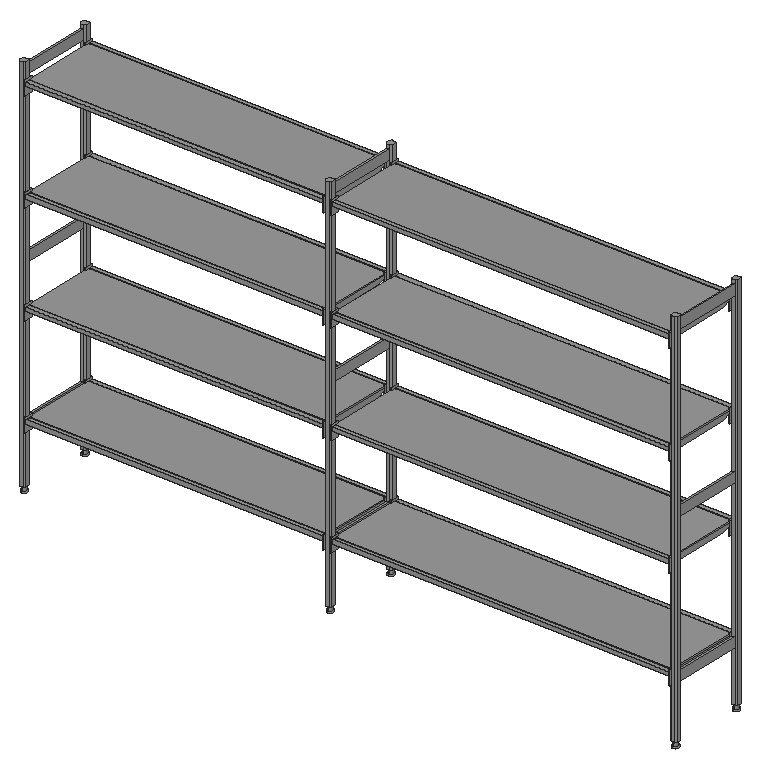
Revit family "QF_ELECTROLUXPROFESSIONAL_137029_ALS2935", category Attrezzature speciali, Revit 2020
Family settings
  Quota connettore circolare = Usa diametro
  Tipo di parte = Normale
  Basato su piano di lavoro = No
  Sempre verticale = Sì
  Taglio con vuoti quando caricato = No
  Condiviso = No
  Punto di calcolo locali = No
Parameters (values of type "Standard")
  Weight = 45.00 kg
  Watts = 0 W
  Volts = 0 V
  URL Manufacturer = "https://www.electroluxprofessional.com/"
  URL = "https://www.electroluxprofessional.com/"
  Steam Supply Size = 0 mm
  Steam Supply Minimum Pressure = 0.0 Pa
  Steam Supply Maximum Pressure = 0.0 Pa
  Steam Consumption per Hour = 0
  Refrigeration Suction Line Size = 0.0 mm
  Refrigeration Liquid Line Size = 0.0 mm
  Refrigerant Compressor Remote = yes
  Prospetto di default = 0.0 mm
  Phase = 0
  Modello = "ALS2935"
  Produttore = "Electrolux Professional"
  Length Actual = 2935.0 mm  # constant formula
  Item Number = "137029"
  Hot Water Size = 0 mm
  Height Actual = 1700.0 mm  # constant formula
  HP = "0 HP"
  Gas Size = 0 mm
  Gas KW = 0
  Gas Input Pressure = 0 W
  Direct Waste Size = 0 mm
  Descrizione = "ALUM.LINEAR SHELV.-POLY.TIERS-373X2935MM"
  Depth Actual = 373.0 mm  # constant formula
  Cycle = 0 Hz
  Condensate Return Size = 0 mm
  Compressed Air Volume = 0.0 L/s
  Compressed Air Size = 0 mm
  Compressed Air Pressure = 0.0 Pa
  Cold Water Size = 0 mm
  Accessory = yes
Reference planes
  plane 1: z = 0
  plane 2 "CenterLeft": x = -31
  plane 3 "LEFT": x = -417
  plane 4 "BACK": y = 23
  plane 5 "FRONT": y = -350
  plane 6 "TOP": z = 1700
  plane 7: x = -385
  plane 8: x = 945
  plane 9 "Center (Front/Back)": y = -163.5
  plane 10: y = -8.5
  plane 11: y = -318.5
  plane 12 "FEET": z = 25
  plane 13: z = 275
  plane 14: z = 725
  plane 15: z = 1175
  plane 16: z = 1625
  plane 17 "CXLeft": x = -403
  plane 18 "Center (Left/Right)": x = 963
  plane 19: y = 5.5
  plane 20 "CYBack": y = 5.5
  plane 21 "CYFront": y = -332.5
  plane 22 "RIGHT": x = 2518
  plane 23: x = 2486
  plane 24 "CXRight": x = 2504
  plane 25: x = 981
Forms (mm)
  Extrusion 1, solid, material "QF_Aluminum"
    sketch origin (-417, 0, -4.006) x (0, 1, 0) y (0, 0, 1)
      loop
        line (-12, 1637.003) -> (4, 1637.003) -> (4, 1655) -> (2.007, 1655) -> (2.007, 1648.501) -> (-329, 1648.501) -> (-329, 1655) -> (-331, 1655) -> (-331, 1637.003) -> (-315, 1637.003) -> (-281, 1625) -> (-46, 1625) -> (-12, 1637.003)
      loop
        line (-12, 1187.003) -> (4, 1187.003) -> (4, 1205) -> (2.007, 1205) -> (2.007, 1198.501) -> (-329, 1198.501) -> (-329, 1205) -> (-331, 1205) -> (-331, 1187.003) -> (-315, 1187.003) -> (-281, 1175) -> (-46, 1175) -> (-12, 1187.003)
      loop
        line (-12, 737.003) -> (4, 737.003) -> (4, 755) -> (2.007, 755) -> (2.007, 748.501) -> (-329, 748.501) -> (-329, 755) -> (-331, 755) -> (-331, 737.003) -> (-315, 737.003) -> (-281, 725) -> (-46, 725) -> (-12, 737.003)
      loop
        line (-12, 287.003) -> (4, 287.003) -> (4, 305) -> (2.007, 305) -> (2.007, 298.501) -> (-329, 298.501) -> (-329, 305) -> (-331, 305) -> (-331, 287.003) -> (-315, 287.003) -> (-281, 275) -> (-46, 275) -> (-12, 287.003)
    from 37 to 32
  Extrusion 2, solid, material "QF_Aluminum"
    sketch origin (-417, 0, 0) x (0, 1, 0) y (0, 0, 1)
      loop
        line (23, 246.005) -> (23, 307.993) -> (-12.993, 307.993) -> (-12.993, 246.005) -> (23, 246.005)
      loop
        line (-350, 246.005) -> (-314.007, 246.005) -> (-314.007, 307.993) -> (-350, 307.993) -> (-350, 246.005)
      loop
        line (23, 696.005) -> (23, 757.993) -> (-12.993, 757.993) -> (-12.993, 696.005) -> (23, 696.005)
      loop
        line (-350, 696.005) -> (-314.007, 696.005) -> (-314.007, 757.993) -> (-350, 757.993) -> (-350, 696.005)
      loop
        line (23, 1146.005) -> (23, 1207.993) -> (-12.993, 1207.993) -> (-12.993, 1146.005) -> (23, 1146.005)
      loop
        line (-350, 1146.005) -> (-314.007, 1146.005) -> (-314.007, 1207.993) -> (-350, 1207.993) -> (-350, 1146.005)
      loop
        line (23, 1596.005) -> (23, 1657.993) -> (-12.993, 1657.993) -> (-12.993, 1596.005) -> (23, 1596.005)
      loop
        line (-350, 1596.005) -> (-314.007, 1596.005) -> (-314.007, 1657.993) -> (-350, 1657.993) -> (-350, 1596.005)
    from 28 to 32
  Extrusion 3, solid, material "QF_Aluminum"
    sketch origin (-417, 0, 0) x (0, 1, 0) y (0, 0, 1)
      loop
        line (4, 1650.994) -> (4, 1632.998) -> (23, 1632.998) -> (23, 1650.994) -> (4, 1650.994)
      loop
        line (-331, 1650.994) -> (-350, 1650.994) -> (-350, 1632.998) -> (-331, 1632.998) -> (-331, 1650.994)
      loop
        line (4, 1200.994) -> (4, 1182.998) -> (23, 1182.998) -> (23, 1200.994) -> (4, 1200.994)
      loop
        line (-331, 1200.994) -> (-350, 1200.994) -> (-350, 1182.998) -> (-331, 1182.998) -> (-331, 1200.994)
      loop
        line (4, 750.994) -> (4, 732.998) -> (23, 732.998) -> (23, 750.994) -> (4, 750.994)
      loop
        line (-331, 750.994) -> (-350, 750.994) -> (-350, 732.998) -> (-331, 732.998) -> (-331, 750.994)
      loop
        line (4, 300.994) -> (4, 282.998) -> (23, 282.998) -> (23, 300.994) -> (4, 300.994)
      loop
        line (-331, 300.994) -> (-350, 300.994) -> (-350, 282.998) -> (-331, 282.998) -> (-331, 300.994)
    from 32 to 1362
  Extrusion 4, solid, material "QF_Polyethylene"
    sketch origin (-417, 0, 0) x (0, 1, 0) y (0, 0, 1)
      loop
        line (2.007, 1650.994) -> (-329, 1650.994) -> (-329, 1644.496) -> (2.007, 1644.496) -> (2.007, 1650.994)
      loop
        line (2.007, 1200.994) -> (-329, 1200.994) -> (-329, 1194.496) -> (2.007, 1194.496) -> (2.007, 1200.994)
      loop
        line (2.007, 750.994) -> (-329, 750.994) -> (-329, 744.496) -> (2.007, 744.496) -> (2.007, 750.994)
      loop
        line (2.007, 300.994) -> (-329, 300.994) -> (-329, 294.496) -> (2.007, 294.496) -> (2.007, 300.994)
    from 32 to 1362
  Extrusion 5, solid, material "QF_Aluminum"
    sketch origin (2518, 0, 0) x (0, 1, 0) y (0, 0, 1)
      loop
        line (4, 1650.994) -> (4, 1632.998) -> (23, 1632.998) -> (23, 1650.994) -> (4, 1650.994)
      loop
        line (-331, 1650.994) -> (-350, 1650.994) -> (-350, 1632.998) -> (-331, 1632.998) -> (-331, 1650.994)
      loop
        line (4, 1200.994) -> (4, 1182.998) -> (23, 1182.998) -> (23, 1200.994) -> (4, 1200.994)
      loop
        line (-331, 1200.994) -> (-350, 1200.994) -> (-350, 1182.998) -> (-331, 1182.998) -> (-331, 1200.994)
      loop
        line (4, 750.994) -> (4, 732.998) -> (23, 732.998) -> (23, 750.994) -> (4, 750.994)
      loop
        line (-331, 750.994) -> (-350, 750.994) -> (-350, 732.998) -> (-331, 732.998) -> (-331, 750.994)
      loop
        line (4, 300.994) -> (4, 282.998) -> (23, 282.998) -> (23, 300.994) -> (4, 300.994)
      loop
        line (-331, 300.994) -> (-350, 300.994) -> (-350, 282.998) -> (-331, 282.998) -> (-331, 300.994)
    from -32 to -1537
  Extrusion 6, solid, material "QF_Polyethylene"
    sketch origin (2518, 0, 0) x (0, 1, 0) y (0, 0, 1)
      loop
        line (2.007, 1650.994) -> (-329, 1650.994) -> (-329, 1644.496) -> (2.007, 1644.496) -> (2.007, 1650.994)
      loop
        line (2.007, 1200.994) -> (-329, 1200.994) -> (-329, 1194.496) -> (2.007, 1194.496) -> (2.007, 1200.994)
      loop
        line (2.007, 750.994) -> (-329, 750.994) -> (-329, 744.496) -> (2.007, 744.496) -> (2.007, 750.994)
      loop
        line (2.007, 300.994) -> (-329, 300.994) -> (-329, 294.496) -> (2.007, 294.496) -> (2.007, 300.994)
    from -32 to -1537
Lines and regions (mm)
  symbolic lines
    curve 1: line (945, 4, 1700) -> (-385, 4, 1700)
    curve 2: line (-408, -8.5, 1700) -> (-408, -318.5, 1700)
    curve 3: line (-398, -318.5, 1700) -> (-398, -8.5, 1700)
    curve 4: line (-389, 23, 1700) -> (949, 23, 1700)
    curve 5: line (-385, -350, 1700) -> (945, -350, 1700)
    curve 6: line (977, 23, 1700) -> (2490, 23, 1700)
    curve 7: line (977, -350, 1700) -> (2490, -350, 1700)
    curve 8: line (-385, -331, 1700) -> (945, -331, 1700)
    curve 9: line (981, -331, 1700) -> (2486, -331, 1700)
    curve 10: line (981, 4, 1700) -> (2486, 4, 1700)
    curve 11: line (2486, -12.993, 1700) -> (2486, -314.007, 1700)
    curve 12: line (945, -12.993, 1700) -> (945, -314.007, 1700)
    curve 13: line (981, -314.007, 1700) -> (981, -12.993, 1700)
    curve 14: line (-385, -12.993, 1700) -> (-385, -314.007, 1700)
Dimensions and locks
  plane 3 "LEFT" to plane 2 "CenterLeft" = 386.0 mm
  locked: plane 6 "TOP" to level at 1700
  locked: plane 4 "BACK" to plane 5 "FRONT" at 373
  locked: plane 7 to plane 8 at 1330
  locked: plane 10 to plane 11 at 310
  equal spacing: plane 10, plane 9 "Center (Front/Back)", plane 11
  equal spacing: plane 4 "BACK", plane 9 "Center (Front/Back)", plane 5 "FRONT"
  plane 12 "FEET" to level = 25.0 mm
  plane 6 "TOP" to plane 12 "FEET" = 1675.0 mm
  plane 13 to plane 12 "FEET" = 250.0 mm
  plane 14 to plane 13 = 450.0 mm
  plane 15 to plane 14 = 450.0 mm
  plane 16 to plane 15 = 450.0 mm
  locked: plane 4 "BACK" to plane 20 "CYBack" at 17.5
  locked: plane 21 "CYFront" to plane 5 "FRONT" at 17.5
  locked: plane 4 "BACK" to Extrusion 1 at 19
  locked: Extrusion 1 to plane 5 "FRONT" at 19
  Extrusion 1 sketch curve to plane 21 "CYFront" = 3.5 mm
  plane 3 "LEFT" to plane 22 "RIGHT" = 2935.0 mm
  locked: plane 25 to plane 23 at 1505
  locked: plane 8 to plane 18 "Center (Left/Right)" at 18
  locked: plane 18 "Center (Left/Right)" to plane 25 at 18
  locked: plane 3 "LEFT" to plane 7 at 32
  locked: plane 24 "CXRight" to plane 22 "RIGHT" at 14
  aligned and locked: level to plane 1
  aligned and locked: plane 7 to Extrusion 1
  aligned and locked: Extrusion 2 to plane 7
  aligned and locked: plane 7 to Extrusion 4
  aligned and locked: Extrusion 4 to plane 8
  aligned and locked: plane 7 to Extrusion 3
  aligned and locked: Extrusion 3 to plane 8
  aligned and locked: Extrusion 3 sketch curve to Extrusion 1
  aligned and locked: Extrusion 1 to Extrusion 3 sketch curve
  aligned and locked: Extrusion 3 sketch curve to Extrusion 3 sketch curve  (x2)
  aligned and locked: Extrusion 1 sketch curve to Extrusion 1 sketch curve  (x3)
  aligned and locked: Extrusion 4 sketch curve to Extrusion 1  (x4)
  aligned and locked: Extrusion 5 sketch curve to Extrusion 5 sketch curve  (x2)
  aligned and locked: Extrusion 5 to plane 25
  aligned and locked: Extrusion 6 to plane 25
  aligned and locked: plane 18 "Center (Left/Right)" to nested 3
  aligned and locked: plane 17 "CXLeft" to nested 1
  aligned and locked: Extrusion 3 to plane 7  (x3)
  aligned and locked: plane 8 to Extrusion 3  (x4)
  aligned and locked: plane 25 to Extrusion 5  (x4)
  aligned and locked: plane 25 to Extrusion 6  (x4)
  aligned and locked: plane 8 to Extrusion 4  (x4)
  aligned and locked: plane 24 "CXRight" to nested 2
  aligned and locked: Extrusion 5 to plane 23
  aligned and locked: Extrusion 6 to plane 23
  aligned and locked: plane 23 to Extrusion 5  (x3)
  aligned and locked: plane 23 to Extrusion 6  (x3)
Automatic sketch dimensions
  plane 21 "CYFront" to Extrusion 1 sketch curve = 1.5 mm  (x4)
  plane 11 to Extrusion 1 sketch curve = 3.5 mm  (x4)
  Extrusion 1 sketch curve to plane 13 = 4.006 mm
  Extrusion 1 sketch curve to Extrusion 1 sketch curve = 34.0 mm  (x4)
  Extrusion 1 sketch curve to plane 14 = 4.006 mm
  Extrusion 1 sketch curve to plane 15 = 4.006 mm
  Extrusion 1 sketch curve to plane 16 = 4.006 mm
  Extrusion 1 sketch curve to plane 10 = 37.5 mm  (x4)
  Extrusion 1 sketch curve to plane 10 = 3.5 mm  (x4)
  plane 19 to Extrusion 1 sketch curve = 3.493 mm  (x4)
  plane 19 to Extrusion 1 sketch curve = 1.5 mm  (x4)
  plane 13 to Extrusion 1 sketch curve = 7.998 mm  (x2)
  Extrusion 1 sketch curve to Extrusion 1 sketch curve = 11.498 mm  (x4)
  Extrusion 1 sketch curve to Extrusion 1 sketch curve = 6.499 mm  (x8)
  plane 14 to Extrusion 1 sketch curve = 7.998 mm  (x2)
  plane 15 to Extrusion 1 sketch curve = 7.998 mm  (x2)
  plane 16 to Extrusion 1 sketch curve = 7.998 mm  (x2)
  Extrusion 2 sketch curve to plane 5 "FRONT" = 0.0 mm  (x4)
  Extrusion 2 sketch curve to plane 4 "BACK" = 0.0 mm  (x4)
  plane 11 to Extrusion 2 sketch curve = 4.493 mm  (x4)
  Extrusion 2 sketch curve to plane 10 = 4.493 mm  (x4)
  Extrusion 2 sketch curve to plane 13 = 28.995 mm  (x2)
  plane 13 to Extrusion 2 sketch curve = 32.993 mm  (x2)
  Extrusion 2 sketch curve to plane 14 = 28.995 mm  (x2)
  plane 14 to Extrusion 2 sketch curve = 32.993 mm  (x2)
  Extrusion 2 sketch curve to plane 15 = 28.995 mm  (x2)
  plane 15 to Extrusion 2 sketch curve = 32.993 mm  (x2)
  Extrusion 2 sketch curve to plane 16 = 28.995 mm  (x2)
  plane 16 to Extrusion 2 sketch curve = 32.993 mm  (x2)
  Extrusion 3 sketch curve to plane 5 "FRONT" = 0.0 mm  (x4)
  Extrusion 3 sketch curve to plane 4 "BACK" = 0.0 mm  (x4)
  plane 19 to Extrusion 3 sketch curve = 1.5 mm  (x4)
  plane 13 to Extrusion 3 sketch curve = 7.998 mm  (x2)
  Extrusion 3 sketch curve to Extrusion 3 sketch curve = 17.997 mm  (x8)
  plane 14 to Extrusion 3 sketch curve = 7.998 mm  (x2)
  plane 15 to Extrusion 3 sketch curve = 7.998 mm  (x2)
  plane 16 to Extrusion 3 sketch curve = 7.998 mm  (x2)
  plane 19 to Extrusion 4 sketch curve = 3.493 mm  (x4)
  plane 13 to Extrusion 4 sketch curve = 19.496 mm
  Extrusion 4 sketch curve to Extrusion 4 sketch curve = 6.499 mm  (x4)
  plane 14 to Extrusion 4 sketch curve = 19.496 mm
  plane 15 to Extrusion 4 sketch curve = 19.496 mm
  plane 16 to Extrusion 4 sketch curve = 19.496 mm
  Extrusion 5 sketch curve to plane 5 "FRONT" = 0.0 mm  (x4)
  Extrusion 5 sketch curve to plane 4 "BACK" = 0.0 mm  (x4)
  plane 21 "CYFront" to Extrusion 5 sketch curve = 1.5 mm  (x2)
  plane 19 to Extrusion 5 sketch curve = 1.5 mm  (x4)
  plane 13 to Extrusion 5 sketch curve = 7.998 mm  (x2)
  Extrusion 5 sketch curve to Extrusion 5 sketch curve = 17.997 mm  (x8)
  plane 14 to Extrusion 5 sketch curve = 7.998 mm  (x2)
  plane 15 to Extrusion 5 sketch curve = 7.998 mm  (x2)
  plane 16 to Extrusion 5 sketch curve = 7.998 mm  (x2)
  plane 21 "CYFront" to Extrusion 6 sketch curve = 3.5 mm  (x4)
  plane 19 to Extrusion 6 sketch curve = 3.493 mm  (x4)
  plane 13 to Extrusion 6 sketch curve = 19.496 mm
  Extrusion 6 sketch curve to Extrusion 6 sketch curve = 6.499 mm  (x4)
  plane 14 to Extrusion 6 sketch curve = 19.496 mm
  plane 15 to Extrusion 6 sketch curve = 19.496 mm
  plane 16 to Extrusion 6 sketch curve = 19.496 mm
  curve 7 to plane 5 "FRONT" = 0.0 mm
  curve 5 to plane 5 "FRONT" = 0.0 mm
  curve 8 to plane 8 = 0.0 mm
  curve 9 to plane 25 = 0.0 mm
  curve 9 to plane 23 = 0.0 mm
  curve 8 to plane 7 = 0.0 mm
  curve 2 to plane 11 = 0.0 mm
  curve 3 to plane 11 = 0.0 mm
  curve 14 to plane 7 = 0.0 mm
  curve 13 to plane 25 = 0.0 mm
  curve 12 to plane 8 = 0.0 mm
  curve 11 to plane 23 = 0.0 mm
  curve 3 to plane 10 = 0.0 mm
  curve 2 to plane 10 = 0.0 mm
  curve 1 to plane 8 = 0.0 mm
  curve 1 to plane 7 = 0.0 mm
  curve 10 to plane 23 = 0.0 mm
  curve 10 to plane 25 = 0.0 mm
  curve 4 to plane 4 "BACK" = 0.0 mm
  curve 6 to plane 4 "BACK" = 0.0 mm
  curve 5 to plane 8 = 0.0 mm
  curve 5 to plane 7 = 0.0 mm
  plane 21 "CYFront" to curve 8 = 1.5 mm
  plane 21 "CYFront" to curve 9 = 1.5 mm
  plane 11 to curve 14 = 4.493 mm
  plane 11 to curve 13 = 4.493 mm
  plane 11 to curve 12 = 4.493 mm
  plane 11 to curve 11 = 4.493 mm
  curve 14 to plane 10 = 4.493 mm
  curve 13 to plane 10 = 4.493 mm
  curve 12 to plane 10 = 4.493 mm
  curve 11 to plane 10 = 4.493 mm
  plane 19 to curve 1 = 1.5 mm
  plane 19 to curve 10 = 1.5 mm
  curve 6 to plane 23 = 4.0 mm
  curve 7 to plane 23 = 4.0 mm
  curve 6 to plane 25 = 4.0 mm
  curve 7 to plane 25 = 4.0 mm
  curve 4 to plane 8 = 4.0 mm
  plane 7 to curve 4 = 4.0 mm
  plane 17 "CXLeft" to curve 3 = 5.0 mm
  curve 2 to plane 17 "CXLeft" = 5.0 mm
Nested families
  nested 1: "WT_Anta373" at (0, 0, 0), type "WT_Anta373"
  nested 2: "WT_Anta373" at (2101, 0, 0) x (-1, 0, 0) z (0, 0, 1), type "WT_Anta373"
  nested 3: "WT_Anta373Center" at (1366, 0, 0), type "WT_Anta373Center"
Definition of nested family "WT_Anta373"
  Parameters
    WidthLeft = A + 64.0 mm  # 772.0 mm
    Width = 1606.0 mm
    Right = WidthLeft / 2  # 386.0 mm
    Default Elevation = 0.0 mm
    Left = -WidthLeft / 2  # -386.0 mm
    Height = 1725.0 mm
    FEET = 25.0 mm
    E = 0.0 mm
    Dint = Depth - 63.0 mm  # 310.0 mm
    Dext = Depth - 8.0 mm  # 365.0 mm
    Depth = 373.0 mm
    DX = (WidthLeft - A) / 2  # 32.0 mm
    B = 798.0 mm
    A = 708.0 mm
  Reference planes
    plane 1: z = 0
    plane 2 "LEFT": x = -417
    plane 3 "BACK": y = 23
    plane 4 "FRONT": y = -350
    plane 5 "TOP": z = 1725
    plane 6 "Center (Front/Back)": y = -163.5
    plane 7: y = -8.5
    plane 8: y = -318.5
    plane 9 "FEET": z = 25
    plane 10: z = 275
    plane 11: z = 725
    plane 12: z = 1175
    plane 13: z = 1625
    plane 14 "CXLeft": x = -403
    plane 15: y = 5.5
    plane 16 "CYBack": y = 5.5
    plane 17 "CYFront": y = -332.5
    plane 18: x = -385.031
    plane 19: x = -380.031
  Forms (mm)
    Extrusion 1, solid
      sketch origin (0, 0, 0) x (1, 0, 0) y (0, 1, 0)
        loop
          line (-417, 13.246) -> (-417, -2.246) -> (-410.746, -8.5) -> (-395.254, -8.5) -> (-389, -2.246) -> (-389, 13.246) -> (-395.254, 19.5) -> (-410.746, 19.5) -> (-417, 13.246)
      from 1725 to 25
    Extrusion 2, solid
      sketch origin (-417, 0, 0) x (0, 1, 0) y (0, 0, 1)
        loop
          line (23, 246.005) -> (23, 307.993) -> (-12.993, 307.993) -> (-12.993, 246.005) -> (23, 246.005)
        loop
          line (-350, 246.005) -> (-314.007, 246.005) -> (-314.007, 307.993) -> (-350, 307.993) -> (-350, 246.005)
        loop
          line (23, 696.005) -> (23, 757.993) -> (-12.993, 757.993) -> (-12.993, 696.005) -> (23, 696.005)
        loop
          line (-350, 696.005) -> (-314.007, 696.005) -> (-314.007, 757.993) -> (-350, 757.993) -> (-350, 696.005)
        loop
          line (23, 1146.005) -> (23, 1207.993) -> (-12.993, 1207.993) -> (-12.993, 1146.005) -> (23, 1146.005)
        loop
          line (-350, 1146.005) -> (-314.007, 1146.005) -> (-314.007, 1207.993) -> (-350, 1207.993) -> (-350, 1146.005)
        loop
          line (23, 1596.005) -> (23, 1657.993) -> (-12.993, 1657.993) -> (-12.993, 1596.005) -> (23, 1596.005)
        loop
          line (-350, 1596.005) -> (-314.007, 1596.005) -> (-314.007, 1657.993) -> (-350, 1657.993) -> (-350, 1596.005)
      from 28 to 32
    Revolve 3, solid
      sketch origin (-403, 0, 0) x (0, 1, 0) y (0, 0, 1)
        loop
          line (5.5, 25) -> (5.5, 0) -> (19, 0) -> (19, 5) -> (14, 5) -> (14, 25) -> (5.5, 25)
        axis (5.5, 25) -> (5.5, 0)
      angle from 0 to 360
    Extrusion 4, solid
      sketch origin (-403, 0, 0) x (0, 1, 0) y (0, 0, 1)
        loop
          line (-8.5, 912.382) -> (-8.5, 957.374) -> (-318.5, 957.374) -> (-318.5, 912.382) -> (-8.5, 912.382)
        loop
          line (-8.5, 1662.244) -> (-8.5, 1707.236) -> (-318.5, 1707.236) -> (-318.5, 1662.244) -> (-8.5, 1662.244)
      from -5 to 5
    Revolve 5, solid
      sketch origin (-403, -627, 0) x (0, -1, 0) y (0, 0, 1)
        loop
          line (-294.5, 25) -> (-294.5, 0) -> (-281, 0) -> (-281, 5) -> (-286, 5) -> (-286, 25) -> (-294.5, 25)
        axis (-294.5, 25) -> (-294.5, 0)
      angle from 0 to 360
    Extrusion 6, solid
      sketch origin (0, -627, 0) x (1, 0, 0) y (0, 1, 0)
        loop
          line (-417, 286.754) -> (-410.746, 280.5) -> (-395.254, 280.5) -> (-389, 286.754) -> (-389, 302.246) -> (-395.254, 308.5) -> (-410.746, 308.5) -> (-417, 302.246) -> (-417, 286.754)
      from 1725 to 25
    Extrusion 7, solid
      sketch origin (-417.031, -0.022, 0) x (0, 1, 0) y (0, 0, -1)
        loop
          line (-12, -1632.998) -> (-46, -1620.994) -> (-281, -1620.994) -> (-315, -1632.998) -> (-331, -1632.998) -> (-331, -1650.994) -> (-329, -1650.994) -> (-329, -1644.496) -> (2.007, -1644.496) -> (2.007, -1650.994) -> (4, -1650.994) -> (4, -1632.998) -> (-12, -1632.998)
        loop
          line (-12, -1182.998) -> (-46, -1170.994) -> (-281, -1170.994) -> (-315, -1182.998) -> (-331, -1182.998) -> (-331, -1200.994) -> (-329, -1200.994) -> (-329, -1194.496) -> (2.007, -1194.496) -> (2.007, -1200.994) -> (4, -1200.994) -> (4, -1182.998) -> (-12, -1182.998)
        loop
          line (-12, -732.998) -> (-46, -720.994) -> (-281, -720.994) -> (-315, -732.998) -> (-331, -732.998) -> (-331, -750.994) -> (-329, -750.994) -> (-329, -744.496) -> (2.007, -744.496) -> (2.007, -750.994) -> (4, -750.994) -> (4, -732.998) -> (-12, -732.998)
        loop
          line (-12, -282.998) -> (-46, -270.994) -> (-281, -270.994) -> (-315, -282.998) -> (-331, -282.998) -> (-331, -300.994) -> (-329, -300.994) -> (-329, -294.496) -> (2.007, -294.496) -> (2.007, -300.994) -> (4, -300.994) -> (4, -282.998) -> (-12, -282.998)
      from -32 to -37
    Extrusion 8, solid
      sketch origin (-403, 0, -659.878) x (0, 1, 0) y (0, 0, 1)
        loop
          line (-8.5, 912.382) -> (-8.5, 957.374) -> (-318.5, 957.374) -> (-318.5, 912.382) -> (-8.5, 912.382)
        loop
          line (-8.5, 1572.382) -> (-8.5, 1617.374) -> (-318.5, 1617.374) -> (-318.5, 1572.382) -> (-8.5, 1572.382)
        loop
          line (-8.5, 2322.382) -> (-8.5, 2367.374) -> (-318.5, 2367.374) -> (-318.5, 2322.382) -> (-8.5, 2322.382)
      from -5 to 5
  Lines and regions (mm)
    symbolic lines
      curve 1: line (-408, -8.5, 1725) -> (-408, -318.5, 1725)
      curve 2: line (-398, -318.5, 1725) -> (-398, -8.5, 1725)
      curve 3: line (-395.254, -8.5, 1725) -> (-410.746, -8.5, 1725)
      curve 4: line (-417, -2.246, 1725) -> (-410.746, -8.5, 1725)
      curve 5: line (-417, 13.246, 1725) -> (-417, -2.246, 1725)
      curve 6: line (-410.746, 19.5, 1725) -> (-417, 13.246, 1725)
      curve 7: line (-395.254, 19.5, 1725) -> (-410.746, 19.5, 1725)
      curve 8: line (-389, 13.246, 1725) -> (-395.254, 19.5, 1725)
      curve 9: line (-395.254, -8.5, 1725) -> (-389, -2.246, 1725)
      curve 10: line (-395.254, -318.5, 1725) -> (-410.746, -318.5, 1725)
      curve 11: line (-417, -324.754, 1725) -> (-410.746, -318.5, 1725)
      curve 12: line (-410.746, -346.5, 1725) -> (-417, -340.246, 1725)
      curve 13: line (-395.254, -346.5, 1725) -> (-410.746, -346.5, 1725)
      curve 14: line (-389, -340.246, 1725) -> (-395.254, -346.5, 1725)
      curve 15: line (-395.254, -318.5, 1725) -> (-389, -324.754, 1725)
      curve 16: line (-389, -350, 1725) -> (-389, -314.007, 1725)
      curve 17: line (-389, -314.007, 1725) -> (-385, -314.007, 1725)
      curve 18: line (-389, 23, 1725) -> (-389, -12.993, 1725)
      curve 19: line (-389, -12.993, 1725) -> (-385, -12.993, 1725)
      curve 20: line (-417, -324.754, 1725) -> (-417, -340.246, 1725)
      curve 21: line (-385, -350, 1725) -> (-385, -314.007, 1725)
      curve 22: line (-385, -350, 1725) -> (-389, -350, 1725)
      curve 23: line (-385, 23, 1725) -> (-389, 23, 1725)
      curve 24: line (-385, -12.993, 1725) -> (-385, 23, 1725)
      curve 25: line (-385.031, -13.016, 1725) -> (-385.031, -314.029, 1725)
  Dimensions and locks
    "Height": plane 5 "TOP" to level
    "Depth": plane 3 "BACK" to plane 4 "FRONT"
    "Dint": plane 7 to plane 8
    equal spacing: plane 7, plane 6 "Center (Front/Back)", plane 8
    equal spacing: plane 3 "BACK", plane 6 "Center (Front/Back)", plane 4 "FRONT"
    plane 9 "FEET" to level = 25.0 mm
    plane 5 "TOP" to plane 9 "FEET" = 1700.0 mm
    plane 10 to plane 9 "FEET" = 250.0 mm
    plane 11 to plane 10 = 450.0 mm
    plane 12 to plane 11 = 450.0 mm
    plane 13 to plane 12 = 450.0 mm
    locked: plane 2 "LEFT" to plane 14 "CXLeft" at 14
    locked: plane 3 "BACK" to plane 16 "CYBack" at 17.5
    locked: plane 17 "CYFront" to plane 4 "FRONT" at 17.5
    locked: Revolve 3 sketch curve to Revolve 3 sketch curve at 8.5
    locked: Revolve 3 sketch curve to plane 16 "CYBack" at 13.5
    locked: Revolve 5 sketch curve to Revolve 5 sketch curve at 8.5
    aligned and locked: level to plane 1
    aligned and locked: curve 20 to Extrusion 6
    aligned and locked: plane 5 "TOP" to Extrusion 1
    aligned and locked: plane 5 "TOP" to Extrusion 6
    aligned and locked: Extrusion 7 sketch curve to Extrusion 7 sketch curve  (x3)
  Automatic sketch dimensions
    curve 16 to plane 4 "FRONT" = 0.0 mm
    curve 11 to plane 8 = 0.0 mm
    curve 9 to plane 7 = 0.0 mm
    curve 5 to plane 2 "LEFT" = 0.0 mm
    curve 23 to plane 3 "BACK" = 0.0 mm
    plane 4 "FRONT" to curve 13 = 3.5 mm
    curve 20 to plane 17 "CYFront" = 7.746 mm
    curve 20 to plane 8 = 6.254 mm
    plane 8 to curve 16 = 4.493 mm
    curve 24 to plane 18 = 0.031 mm
    curve 24 to plane 7 = 4.493 mm
    plane 7 to curve 5 = 6.254 mm
    curve 5 to plane 15 = 7.746 mm
    curve 6 to plane 3 "BACK" = 3.5 mm
    curve 21 to plane 18 = 0.031 mm
    plane 18 to curve 23 = 3.969 mm
    plane 18 to curve 16 = 3.969 mm
    curve 18 to curve 8 = 6.254 mm
    curve 18 to curve 3 = 6.254 mm
    curve 16 to curve 13 = 6.254 mm
    curve 16 to curve 15 = 6.254 mm
    plane 2 "LEFT" to curve 10 = 6.254 mm
    plane 2 "LEFT" to curve 7 = 6.254 mm
    plane 2 "LEFT" to curve 12 = 6.254 mm
    plane 2 "LEFT" to curve 3 = 6.254 mm
    curve 14 to plane 17 "CYFront" = 7.746 mm
    curve 15 to plane 8 = 6.254 mm
    plane 7 to curve 9 = 6.254 mm
    curve 8 to plane 15 = 7.746 mm
    curve 3 to curve 2 = 2.746 mm
    curve 1 to curve 10 = 2.746 mm
    Extrusion 1 sketch curve to plane 2 "LEFT" = 0.0 mm
    Extrusion 1 sketch curve to plane 7 = 0.0 mm
    plane 2 "LEFT" to Extrusion 1 sketch curve = 6.254 mm  (x2)
    plane 14 "CXLeft" to Extrusion 1 sketch curve = 7.746 mm  (x2)
    Extrusion 1 sketch curve to plane 3 "BACK" = 3.5 mm
    plane 18 to Extrusion 1 sketch curve = 3.969 mm
    plane 7 to Extrusion 1 sketch curve = 6.254 mm  (x2)
    Extrusion 1 sketch curve to plane 15 = 7.746 mm  (x2)
    Extrusion 2 sketch curve to plane 4 "FRONT" = 0.0 mm  (x4)
    Extrusion 2 sketch curve to plane 3 "BACK" = 0.0 mm  (x4)
    plane 8 to Extrusion 2 sketch curve = 4.493 mm  (x4)
    Extrusion 2 sketch curve to plane 7 = 4.493 mm  (x4)
    Extrusion 2 sketch curve to plane 10 = 28.995 mm  (x2)
    plane 10 to Extrusion 2 sketch curve = 32.993 mm  (x2)
    Extrusion 2 sketch curve to plane 11 = 28.995 mm  (x2)
    plane 11 to Extrusion 2 sketch curve = 32.993 mm  (x2)
    Extrusion 2 sketch curve to plane 12 = 28.995 mm  (x2)
    plane 12 to Extrusion 2 sketch curve = 32.993 mm  (x2)
    Extrusion 2 sketch curve to plane 13 = 28.995 mm  (x2)
    plane 13 to Extrusion 2 sketch curve = 32.993 mm  (x2)
    Revolve 3 sketch curve to plane 9 "FEET" = 0.0 mm  (x2)
    Revolve 3 sketch curve to plane 15 = 0.0 mm  (x2)
    Revolve 3 sketch curve to level = 0.0 mm
    level to Revolve 3 sketch curve = 5.0 mm
    Revolve 3 sketch curve to Revolve 3 sketch curve = 11.655 mm
    Extrusion 4 sketch curve to plane 8 = 0.0 mm  (x2)
    Extrusion 4 sketch curve to plane 7 = 0.0 mm  (x2)
    plane 11 to Extrusion 4 sketch curve = 187.382 mm
    Extrusion 4 sketch curve to Extrusion 4 sketch curve = 44.992 mm
    plane 13 to Extrusion 4 sketch curve = 37.244 mm
    Extrusion 4 sketch curve to plane 5 "TOP" = 17.764 mm
    Revolve 5 sketch curve to plane 9 "FEET" = 0.0 mm  (x2)
    Revolve 5 sketch curve to plane 17 "CYFront" = 0.0 mm  (x2)
    Revolve 5 sketch curve to level = 0.0 mm
    Revolve 5 sketch curve to plane 4 "FRONT" = 4.0 mm
    Revolve 5 sketch curve to Revolve 5 sketch curve = 5.0 mm
    level to Revolve 5 sketch curve = 11.655 mm
    Extrusion 6 sketch curve to plane 2 "LEFT" = 0.0 mm
    Extrusion 6 sketch curve to plane 8 = 0.0 mm
    Extrusion 6 sketch curve to plane 2 "LEFT" = 6.254 mm  (x2)
    Extrusion 6 sketch curve to plane 14 "CXLeft" = 7.746 mm  (x2)
    Extrusion 6 sketch curve to plane 4 "FRONT" = 3.5 mm
    Extrusion 6 sketch curve to plane 18 = 3.969 mm
    plane 8 to Extrusion 6 sketch curve = 6.254 mm  (x2)
    plane 17 "CYFront" to Extrusion 6 sketch curve = 7.746 mm  (x2)
    plane 17 "CYFront" to Extrusion 7 sketch curve = 1.478 mm  (x4)
    Extrusion 7 sketch curve to Extrusion 7 sketch curve = 2.0 mm
    plane 8 to Extrusion 7 sketch curve = 3.478 mm  (x4)
    Extrusion 7 sketch curve to plane 10 = 4.006 mm
    Extrusion 7 sketch curve to Extrusion 7 sketch curve = 34.0 mm  (x4)
    Extrusion 7 sketch curve to plane 11 = 4.006 mm
    Extrusion 7 sketch curve to plane 12 = 4.006 mm
    Extrusion 7 sketch curve to plane 13 = 4.006 mm
    Extrusion 7 sketch curve to plane 7 = 37.522 mm  (x4)
    Extrusion 7 sketch curve to plane 7 = 3.522 mm  (x4)
    plane 15 to Extrusion 7 sketch curve = 3.516 mm  (x4)
    plane 15 to Extrusion 7 sketch curve = 1.522 mm  (x4)
    plane 13 to Extrusion 7 sketch curve = 7.998 mm  (x2)
    Extrusion 7 sketch curve to Extrusion 7 sketch curve = 11.498 mm
    Extrusion 7 sketch curve to Extrusion 7 sketch curve = 6.499 mm  (x5)
    plane 12 to Extrusion 7 sketch curve = 25.994 mm  (x2)
    plane 12 to Extrusion 7 sketch curve = 7.998 mm  (x2)
    plane 11 to Extrusion 7 sketch curve = 25.994 mm  (x2)
    plane 11 to Extrusion 7 sketch curve = 7.998 mm  (x2)
    plane 10 to Extrusion 7 sketch curve = 25.994 mm  (x2)
    plane 10 to Extrusion 7 sketch curve = 7.998 mm  (x2)
    curve 25 to plane 18 = 0.0 mm
    plane 8 to curve 25 = 4.471 mm
    curve 25 to plane 7 = 4.516 mm
    Extrusion 8 sketch curve to plane 8 = 0.0 mm  (x3)
    Extrusion 8 sketch curve to plane 7 = 0.0 mm  (x3)
    Extrusion 8 sketch curve to plane 10 = 22.496 mm
    plane 10 to Extrusion 8 sketch curve = 22.496 mm
    plane 11 to Extrusion 8 sketch curve = 187.504 mm
    Extrusion 8 sketch curve to Extrusion 8 sketch curve = 44.992 mm
    plane 13 to Extrusion 8 sketch curve = 37.504 mm
    Extrusion 8 sketch curve to plane 5 "TOP" = 17.504 mm
Definition of nested family "WT_Anta373Center"
  Parameters
    WidthLeft = A + 64.0 mm  # 772.0 mm
    Width = 1606.0 mm
    Right = WidthLeft / 2  # 386.0 mm
    Default Elevation = 0.0 mm
    Left = -WidthLeft / 2  # -386.0 mm
    Height = 1725.0 mm
    FEET = 25.0 mm
    E = 0.0 mm
    Dint = Depth - 63.0 mm  # 310.0 mm
    Dext = Depth - 8.0 mm  # 365.0 mm
    Depth = 373.0 mm
    DX = (WidthLeft - A) / 2  # 32.0 mm
    B = 798.0 mm
    A = 708.0 mm
  Reference planes
    plane 1: z = 0
    plane 2 "L": x = -417
    plane 3 "BACK": y = 23
    plane 4 "FRONT": y = -350
    plane 5 "TOP": z = 1725
    plane 6 "Center (Front/Back)": y = -163.5
    plane 7: y = -8.5
    plane 8: y = -318.5
    plane 9 "FEET": z = 25
    plane 10: z = 275
    plane 11: z = 725
    plane 12: z = 1175
    plane 13: z = 1625
    plane 14 "CXLeft": x = -403
    plane 15: y = 5.5
    plane 16 "CYBack": y = 5.5
    plane 17 "CYFront": y = -332.5
    plane 18: x = -385.031
    plane 19 "RIGHT": x = -380.031
    plane 20: x = -420.969
    plane 21 "LEFT": x = -425.969
  Forms (mm)
    Extrusion 1, solid
      sketch origin (0, 0, 0) x (1, 0, 0) y (0, 1, 0)
        loop
          line (-417, 13.246) -> (-417, -2.246) -> (-410.746, -8.5) -> (-395.254, -8.5) -> (-389, -2.246) -> (-389, 13.246) -> (-395.254, 19.5) -> (-410.746, 19.5) -> (-417, 13.246)
      from 1725 to 25
    Extrusion 2, solid
      sketch origin (-417, 0, 0) x (0, 1, 0) y (0, 0, 1)
        loop
          line (23, 246.005) -> (23, 307.993) -> (-12.993, 307.993) -> (-12.993, 246.005) -> (23, 246.005)
        loop
          line (-350, 246.005) -> (-314.007, 246.005) -> (-314.007, 307.993) -> (-350, 307.993) -> (-350, 246.005)
        loop
          line (23, 696.005) -> (23, 757.993) -> (-12.993, 757.993) -> (-12.993, 696.005) -> (23, 696.005)
        loop
          line (-350, 696.005) -> (-314.007, 696.005) -> (-314.007, 757.993) -> (-350, 757.993) -> (-350, 696.005)
        loop
          line (23, 1146.005) -> (23, 1207.993) -> (-12.993, 1207.993) -> (-12.993, 1146.005) -> (23, 1146.005)
        loop
          line (-350, 1146.005) -> (-314.007, 1146.005) -> (-314.007, 1207.993) -> (-350, 1207.993) -> (-350, 1146.005)
        loop
          line (23, 1596.005) -> (23, 1657.993) -> (-12.993, 1657.993) -> (-12.993, 1596.005) -> (23, 1596.005)
        loop
          line (-350, 1596.005) -> (-314.007, 1596.005) -> (-314.007, 1657.993) -> (-350, 1657.993) -> (-350, 1596.005)
      from 28 to 32
    Revolve 3, solid
      sketch origin (-403, 0, 0) x (0, 1, 0) y (0, 0, 1)
        loop
          line (5.5, 25) -> (5.5, 0) -> (19, 0) -> (19, 5) -> (14, 5) -> (14, 25) -> (5.5, 25)
        axis (5.5, 25) -> (5.5, 0)
      angle from 0 to 360
    Extrusion 4, solid
      sketch origin (-403, 0, 0) x (0, 1, 0) y (0, 0, 1)
        loop
          line (-8.5, 912.382) -> (-8.5, 957.374) -> (-318.5, 957.374) -> (-318.5, 912.382) -> (-8.5, 912.382)
        loop
          line (-8.5, 1662.244) -> (-8.5, 1707.236) -> (-318.5, 1707.236) -> (-318.5, 1662.244) -> (-8.5, 1662.244)
      from -5 to 5
    Revolve 5, solid
      sketch origin (-403, -627, 0) x (0, -1, 0) y (0, 0, 1)
        loop
          line (-294.5, 25) -> (-294.5, 0) -> (-281, 0) -> (-281, 5) -> (-286, 5) -> (-286, 25) -> (-294.5, 25)
        axis (-294.5, 25) -> (-294.5, 0)
      angle from 0 to 360
    Extrusion 6, solid
      sketch origin (0, -627, 0) x (1, 0, 0) y (0, 1, 0)
        loop
          line (-417, 286.754) -> (-410.746, 280.5) -> (-395.254, 280.5) -> (-389, 286.754) -> (-389, 302.246) -> (-395.254, 308.5) -> (-410.746, 308.5) -> (-417, 302.246) -> (-417, 286.754)
      from 1725 to 25
    Extrusion 7, solid
      sketch origin (-417.031, -0.022, 0) x (0, 1, 0) y (0, 0, -1)
        loop
          line (-12, -1632.998) -> (-46, -1620.994) -> (-281, -1620.994) -> (-315, -1632.998) -> (-331, -1632.998) -> (-331, -1650.994) -> (-329, -1650.994) -> (-329, -1644.496) -> (2.007, -1644.496) -> (2.007, -1650.994) -> (4, -1650.994) -> (4, -1632.998) -> (-12, -1632.998)
        loop
          line (-12, -1182.998) -> (-46, -1170.994) -> (-281, -1170.994) -> (-315, -1182.998) -> (-331, -1182.998) -> (-331, -1200.994) -> (-329, -1200.994) -> (-329, -1194.496) -> (2.007, -1194.496) -> (2.007, -1200.994) -> (4, -1200.994) -> (4, -1182.998) -> (-12, -1182.998)
        loop
          line (-12, -732.998) -> (-46, -720.994) -> (-281, -720.994) -> (-315, -732.998) -> (-331, -732.998) -> (-331, -750.994) -> (-329, -750.994) -> (-329, -744.496) -> (2.007, -744.496) -> (2.007, -750.994) -> (4, -750.994) -> (4, -732.998) -> (-12, -732.998)
        loop
          line (-12, -282.998) -> (-46, -270.994) -> (-281, -270.994) -> (-315, -282.998) -> (-331, -282.998) -> (-331, -300.994) -> (-329, -300.994) -> (-329, -294.496) -> (2.007, -294.496) -> (2.007, -300.994) -> (4, -300.994) -> (4, -282.998) -> (-12, -282.998)
      from -32 to -37
    Extrusion 8, solid
      sketch origin (-403, 0, -659.878) x (0, 1, 0) y (0, 0, 1)
        loop
          line (-8.5, 912.382) -> (-8.5, 957.374) -> (-318.5, 957.374) -> (-318.5, 912.382) -> (-8.5, 912.382)
        loop
          line (-8.5, 1572.382) -> (-8.5, 1617.374) -> (-318.5, 1617.374) -> (-318.5, 1572.382) -> (-8.5, 1572.382)
        loop
          line (-8.5, 2322.382) -> (-8.5, 2367.374) -> (-318.5, 2367.374) -> (-318.5, 2322.382) -> (-8.5, 2322.382)
      from -5 to 5
    Extrusion 9, solid
      sketch origin (-389, 0, 0) x (0, 1, 0) y (0, 0, -1)
        loop
          line (23, -246.005) -> (-12.993, -246.005) -> (-12.993, -307.993) -> (23, -307.993) -> (23, -246.005)
        loop
          line (-350, -246.005) -> (-350, -307.993) -> (-314.007, -307.993) -> (-314.007, -246.005) -> (-350, -246.005)
        loop
          line (23, -696.005) -> (-12.993, -696.005) -> (-12.993, -757.993) -> (23, -757.993) -> (23, -696.005)
        loop
          line (-350, -696.005) -> (-350, -757.993) -> (-314.007, -757.993) -> (-314.007, -696.005) -> (-350, -696.005)
        loop
          line (23, -1146.005) -> (-12.993, -1146.005) -> (-12.993, -1207.993) -> (23, -1207.993) -> (23, -1146.005)
        loop
          line (-350, -1146.005) -> (-350, -1207.993) -> (-314.007, -1207.993) -> (-314.007, -1146.005) -> (-350, -1146.005)
        loop
          line (23, -1596.005) -> (-12.993, -1596.005) -> (-12.993, -1657.993) -> (23, -1657.993) -> (23, -1596.005)
        loop
          line (-350, -1596.005) -> (-350, -1657.993) -> (-314.007, -1657.993) -> (-314.007, -1596.005) -> (-350, -1596.005)
      from 28 to 32
    Extrusion 10, solid
      sketch origin (-388.969, -0.022, 0) x (0, 1, 0) y (0, 0, 1)
        loop
          line (-12, 1632.998) -> (4, 1632.998) -> (4, 1650.994) -> (2.007, 1650.994) -> (2.007, 1644.496) -> (-329, 1644.496) -> (-329, 1650.994) -> (-331, 1650.994) -> (-331, 1632.998) -> (-315, 1632.998) -> (-281, 1620.994) -> (-46, 1620.994) -> (-12, 1632.998)
        loop
          line (-12, 1182.998) -> (4, 1182.998) -> (4, 1200.994) -> (2.007, 1200.994) -> (2.007, 1194.496) -> (-329, 1194.496) -> (-329, 1200.994) -> (-331, 1200.994) -> (-331, 1182.998) -> (-315, 1182.998) -> (-281, 1170.994) -> (-46, 1170.994) -> (-12, 1182.998)
        loop
          line (-12, 732.998) -> (4, 732.998) -> (4, 750.994) -> (2.007, 750.994) -> (2.007, 744.496) -> (-329, 744.496) -> (-329, 750.994) -> (-331, 750.994) -> (-331, 732.998) -> (-315, 732.998) -> (-281, 720.994) -> (-46, 720.994) -> (-12, 732.998)
        loop
          line (-12, 282.998) -> (4, 282.998) -> (4, 300.994) -> (2.007, 300.994) -> (2.007, 294.496) -> (-329, 294.496) -> (-329, 300.994) -> (-331, 300.994) -> (-331, 282.998) -> (-315, 282.998) -> (-281, 270.994) -> (-46, 270.994) -> (-12, 282.998)
      from -32 to -37
  Lines and regions (mm)
    symbolic lines
      curve 1: line (-408, -8.5, 1725) -> (-408, -318.5, 1725)
      curve 2: line (-398, -318.5, 1725) -> (-398, -8.5, 1725)
      curve 3: line (-395.254, -8.5, 1725) -> (-410.746, -8.5, 1725)
      curve 4: line (-417, -2.246, 1725) -> (-410.746, -8.5, 1725)
      curve 5: line (-410.746, 19.5, 1725) -> (-417, 13.246, 1725)
      curve 6: line (-395.254, 19.5, 1725) -> (-410.746, 19.5, 1725)
      curve 7: line (-389, 13.246, 1725) -> (-395.254, 19.5, 1725)
      curve 8: line (-395.254, -8.5, 1725) -> (-389, -2.246, 1725)
      curve 9: line (-395.254, -318.5, 1725) -> (-410.746, -318.5, 1725)
      curve 10: line (-417, -324.754, 1725) -> (-410.746, -318.5, 1725)
      curve 11: line (-410.746, -346.5, 1725) -> (-417, -340.246, 1725)
      curve 12: line (-395.254, -346.5, 1725) -> (-410.746, -346.5, 1725)
      curve 13: line (-389, -340.246, 1725) -> (-395.254, -346.5, 1725)
      curve 14: line (-395.254, -318.5, 1725) -> (-389, -324.754, 1725)
      curve 15: line (-389, -350, 1725) -> (-389, -314.007, 1725)
      curve 16: line (-389, -314.007, 1725) -> (-385, -314.007, 1725)
      curve 17: line (-389, 23, 1725) -> (-389, -12.993, 1725)
      curve 18: line (-389, -12.993, 1725) -> (-385, -12.993, 1725)
      curve 19: line (-385, -350, 1725) -> (-385, -314.007, 1725)
      curve 20: line (-385, -350, 1725) -> (-389, -350, 1725)
      curve 21: line (-385, 23, 1725) -> (-389, 23, 1725)
      curve 22: line (-385, -12.993, 1725) -> (-385, 23, 1725)
      curve 23: line (-385.031, -13.016, 1725) -> (-385.031, -314.029, 1725)
      curve 24: line (-417, -350, 1725) -> (-417, -314.007, 1725)
      curve 25: line (-417, -314.007, 1725) -> (-421, -314.007, 1725)
      curve 26: line (-417, 23, 1725) -> (-417, -12.993, 1725)
      curve 27: line (-417, -12.993, 1725) -> (-421, -12.993, 1725)
      curve 28: line (-421, -350, 1725) -> (-421, -314.007, 1725)
      curve 29: line (-421, -350, 1725) -> (-417, -350, 1725)
      curve 30: line (-421, 23, 1725) -> (-417, 23, 1725)
      curve 31: line (-421, -12.993, 1725) -> (-421, 23, 1725)
      curve 32: line (-420.969, -13.016, 1725) -> (-420.969, -314.029, 1725)
  Dimensions and locks
    "Height": plane 5 "TOP" to level
    "Depth": plane 3 "BACK" to plane 4 "FRONT"
    "Dint": plane 7 to plane 8
    equal spacing: plane 7, plane 6 "Center (Front/Back)", plane 8
    equal spacing: plane 3 "BACK", plane 6 "Center (Front/Back)", plane 4 "FRONT"
    plane 9 "FEET" to level = 25.0 mm
    plane 5 "TOP" to plane 9 "FEET" = 1700.0 mm
    plane 10 to plane 9 "FEET" = 250.0 mm
    plane 11 to plane 10 = 450.0 mm
    plane 12 to plane 11 = 450.0 mm
    plane 13 to plane 12 = 450.0 mm
    locked: plane 3 "BACK" to plane 16 "CYBack" at 17.5
    locked: plane 17 "CYFront" to plane 4 "FRONT" at 17.5
    locked: Revolve 3 sketch curve to Revolve 3 sketch curve at 8.5
    locked: Revolve 3 sketch curve to plane 16 "CYBack" at 13.5
    locked: Revolve 5 sketch curve to Revolve 5 sketch curve at 8.5
    aligned and locked: level to plane 1
    aligned and locked: plane 5 "TOP" to Extrusion 1
    aligned and locked: plane 5 "TOP" to Extrusion 6
    aligned and locked: Extrusion 7 sketch curve to Extrusion 7 sketch curve  (x3)
    aligned and locked: Extrusion 10 sketch curve to Extrusion 10 sketch curve  (x3)
  Automatic sketch dimensions
    curve 15 to plane 4 "FRONT" = 0.0 mm
    curve 28 to plane 4 "FRONT" = 0.0 mm
    curve 9 to plane 8 = 0.0 mm
    curve 25 to plane 2 "L" = 0.0 mm
    curve 8 to plane 7 = 0.0 mm
    curve 17 to plane 3 "BACK" = 0.0 mm
    curve 30 to plane 3 "BACK" = 0.0 mm
    plane 4 "FRONT" to curve 11 = 3.5 mm
    curve 19 to plane 18 = 0.031 mm
    plane 8 to curve 19 = 4.493 mm
    plane 8 to curve 25 = 4.493 mm
    curve 27 to plane 20 = 0.031 mm
    curve 27 to plane 7 = 4.493 mm
    curve 17 to plane 7 = 4.493 mm
    curve 5 to plane 15 = 7.746 mm
    curve 7 to plane 3 "BACK" = 3.5 mm
    curve 18 to plane 18 = 0.031 mm
    plane 18 to curve 21 = 3.969 mm
    plane 18 to curve 20 = 3.969 mm
    curve 15 to curve 9 = 6.254 mm
    curve 17 to curve 7 = 6.254 mm
    curve 17 to curve 3 = 6.254 mm
    curve 15 to curve 12 = 6.254 mm
    plane 2 "L" to curve 12 = 6.254 mm
    plane 2 "L" to curve 4 = 6.254 mm
    plane 2 "L" to curve 10 = 6.254 mm
    plane 2 "L" to curve 5 = 6.254 mm
    curve 28 to plane 20 = 0.031 mm
    curve 13 to plane 17 "CYFront" = 7.746 mm
    curve 14 to plane 8 = 6.254 mm
    plane 7 to curve 8 = 6.254 mm
    curve 7 to plane 15 = 7.746 mm
    curve 9 to curve 2 = 2.746 mm
    curve 1 to curve 9 = 2.746 mm
    Extrusion 1 sketch curve to plane 2 "L" = 0.0 mm
    Extrusion 1 sketch curve to plane 7 = 0.0 mm
    plane 2 "L" to Extrusion 1 sketch curve = 6.254 mm  (x2)
    plane 14 "CXLeft" to Extrusion 1 sketch curve = 7.746 mm  (x2)
    Extrusion 1 sketch curve to plane 3 "BACK" = 3.5 mm
    plane 18 to Extrusion 1 sketch curve = 3.969 mm
    plane 7 to Extrusion 1 sketch curve = 6.254 mm  (x2)
    Extrusion 1 sketch curve to plane 15 = 7.746 mm  (x2)
    Extrusion 2 sketch curve to plane 4 "FRONT" = 0.0 mm  (x4)
    Extrusion 2 sketch curve to plane 3 "BACK" = 0.0 mm  (x4)
    plane 8 to Extrusion 2 sketch curve = 4.493 mm  (x4)
    Extrusion 2 sketch curve to plane 7 = 4.493 mm  (x4)
    Extrusion 2 sketch curve to plane 10 = 28.995 mm  (x2)
    plane 10 to Extrusion 2 sketch curve = 32.993 mm  (x2)
    Extrusion 2 sketch curve to plane 11 = 28.995 mm  (x2)
    plane 11 to Extrusion 2 sketch curve = 32.993 mm  (x2)
    Extrusion 2 sketch curve to plane 12 = 28.995 mm  (x2)
    plane 12 to Extrusion 2 sketch curve = 32.993 mm  (x2)
    Extrusion 2 sketch curve to plane 13 = 28.995 mm  (x2)
    plane 13 to Extrusion 2 sketch curve = 32.993 mm  (x2)
    Revolve 3 sketch curve to plane 9 "FEET" = 0.0 mm  (x2)
    Revolve 3 sketch curve to plane 15 = 0.0 mm  (x2)
    Revolve 3 sketch curve to level = 0.0 mm
    level to Revolve 3 sketch curve = 5.0 mm
    Revolve 3 sketch curve to Revolve 3 sketch curve = 11.655 mm
    Extrusion 4 sketch curve to plane 8 = 0.0 mm  (x2)
    Extrusion 4 sketch curve to plane 7 = 0.0 mm  (x2)
    plane 11 to Extrusion 4 sketch curve = 187.382 mm
    Extrusion 4 sketch curve to Extrusion 4 sketch curve = 44.992 mm
    plane 13 to Extrusion 4 sketch curve = 37.244 mm
    Extrusion 4 sketch curve to plane 5 "TOP" = 17.764 mm
    Revolve 5 sketch curve to plane 9 "FEET" = 0.0 mm  (x2)
    Revolve 5 sketch curve to plane 17 "CYFront" = 0.0 mm  (x2)
    Revolve 5 sketch curve to level = 0.0 mm
    Revolve 5 sketch curve to plane 4 "FRONT" = 4.0 mm
    Revolve 5 sketch curve to Revolve 5 sketch curve = 5.0 mm
    level to Revolve 5 sketch curve = 11.655 mm
    Extrusion 6 sketch curve to plane 2 "L" = 0.0 mm
    Extrusion 6 sketch curve to plane 8 = 0.0 mm
    Extrusion 6 sketch curve to plane 2 "L" = 6.254 mm  (x2)
    Extrusion 6 sketch curve to plane 14 "CXLeft" = 7.746 mm  (x2)
    Extrusion 6 sketch curve to plane 4 "FRONT" = 3.5 mm
    Extrusion 6 sketch curve to plane 18 = 3.969 mm
    plane 8 to Extrusion 6 sketch curve = 6.254 mm  (x2)
    plane 17 "CYFront" to Extrusion 6 sketch curve = 7.746 mm  (x2)
    plane 17 "CYFront" to Extrusion 7 sketch curve = 1.478 mm  (x4)
    Extrusion 7 sketch curve to Extrusion 7 sketch curve = 2.0 mm
    plane 8 to Extrusion 7 sketch curve = 3.478 mm  (x4)
    Extrusion 7 sketch curve to plane 10 = 4.006 mm
    Extrusion 7 sketch curve to Extrusion 7 sketch curve = 34.0 mm  (x4)
    Extrusion 7 sketch curve to plane 11 = 4.006 mm
    Extrusion 7 sketch curve to plane 12 = 4.006 mm
    Extrusion 7 sketch curve to plane 13 = 4.006 mm
    Extrusion 7 sketch curve to plane 7 = 37.522 mm  (x4)
    Extrusion 7 sketch curve to plane 7 = 3.522 mm  (x4)
    plane 15 to Extrusion 7 sketch curve = 3.516 mm  (x4)
    plane 15 to Extrusion 7 sketch curve = 1.522 mm  (x4)
    plane 13 to Extrusion 7 sketch curve = 7.998 mm  (x2)
    Extrusion 7 sketch curve to Extrusion 7 sketch curve = 11.498 mm
    Extrusion 7 sketch curve to Extrusion 7 sketch curve = 6.499 mm  (x5)
    plane 12 to Extrusion 7 sketch curve = 25.994 mm  (x2)
    plane 12 to Extrusion 7 sketch curve = 7.998 mm  (x2)
    plane 11 to Extrusion 7 sketch curve = 25.994 mm  (x2)
    plane 11 to Extrusion 7 sketch curve = 7.998 mm  (x2)
    plane 10 to Extrusion 7 sketch curve = 25.994 mm  (x2)
    plane 10 to Extrusion 7 sketch curve = 7.998 mm  (x2)
    curve 23 to plane 18 = 0.0 mm
    curve 32 to plane 20 = 0.0 mm
    plane 8 to curve 23 = 4.471 mm
    plane 8 to curve 32 = 4.471 mm
    curve 32 to plane 7 = 4.516 mm
    curve 23 to plane 7 = 4.516 mm
    Extrusion 8 sketch curve to plane 8 = 0.0 mm  (x3)
    Extrusion 8 sketch curve to plane 7 = 0.0 mm  (x3)
    Extrusion 8 sketch curve to plane 10 = 22.496 mm
    plane 10 to Extrusion 8 sketch curve = 22.496 mm
    plane 11 to Extrusion 8 sketch curve = 187.504 mm
    Extrusion 8 sketch curve to Extrusion 8 sketch curve = 44.992 mm
    plane 13 to Extrusion 8 sketch curve = 37.504 mm
    Extrusion 8 sketch curve to plane 5 "TOP" = 17.504 mm
    Extrusion 9 sketch curve to plane 4 "FRONT" = 0.0 mm  (x4)
    Extrusion 9 sketch curve to plane 3 "BACK" = 0.0 mm  (x4)
    plane 8 to Extrusion 9 sketch curve = 4.493 mm  (x4)
    Extrusion 9 sketch curve to plane 7 = 4.493 mm  (x4)
    plane 13 to Extrusion 9 sketch curve = 32.993 mm  (x2)
    Extrusion 9 sketch curve to plane 13 = 28.995 mm  (x2)
    plane 12 to Extrusion 9 sketch curve = 32.993 mm  (x2)
    Extrusion 9 sketch curve to plane 12 = 28.995 mm  (x2)
    plane 11 to Extrusion 9 sketch curve = 32.993 mm  (x2)
    Extrusion 9 sketch curve to plane 11 = 28.995 mm  (x2)
    plane 10 to Extrusion 9 sketch curve = 32.993 mm  (x2)
    Extrusion 9 sketch curve to plane 10 = 28.995 mm  (x2)
    plane 17 "CYFront" to Extrusion 10 sketch curve = 1.478 mm  (x4)
    Extrusion 10 sketch curve to Extrusion 10 sketch curve = 2.0 mm
    plane 8 to Extrusion 10 sketch curve = 3.478 mm  (x4)
    Extrusion 10 sketch curve to plane 10 = 4.006 mm
    Extrusion 10 sketch curve to Extrusion 10 sketch curve = 34.0 mm  (x4)
    Extrusion 10 sketch curve to plane 11 = 4.006 mm
    Extrusion 10 sketch curve to plane 12 = 4.006 mm
    Extrusion 10 sketch curve to plane 13 = 4.006 mm
    Extrusion 10 sketch curve to plane 7 = 37.522 mm  (x4)
    Extrusion 10 sketch curve to plane 7 = 3.522 mm  (x4)
    plane 15 to Extrusion 10 sketch curve = 3.516 mm  (x4)
    plane 15 to Extrusion 10 sketch curve = 1.522 mm  (x4)
    plane 10 to Extrusion 10 sketch curve = 7.998 mm  (x2)
    Extrusion 10 sketch curve to Extrusion 10 sketch curve = 11.498 mm  (x4)
    Extrusion 10 sketch curve to Extrusion 10 sketch curve = 6.499 mm  (x8)
    plane 11 to Extrusion 10 sketch curve = 7.998 mm  (x2)
    plane 12 to Extrusion 10 sketch curve = 7.998 mm  (x2)
    plane 13 to Extrusion 10 sketch curve = 7.998 mm  (x2)
    curve 4 to plane 2 "L" = 0.0 mm
    plane 7 to curve 4 = 6.254 mm
    curve 11 to plane 17 "CYFront" = 7.746 mm
    curve 10 to plane 8 = 6.254 mm
